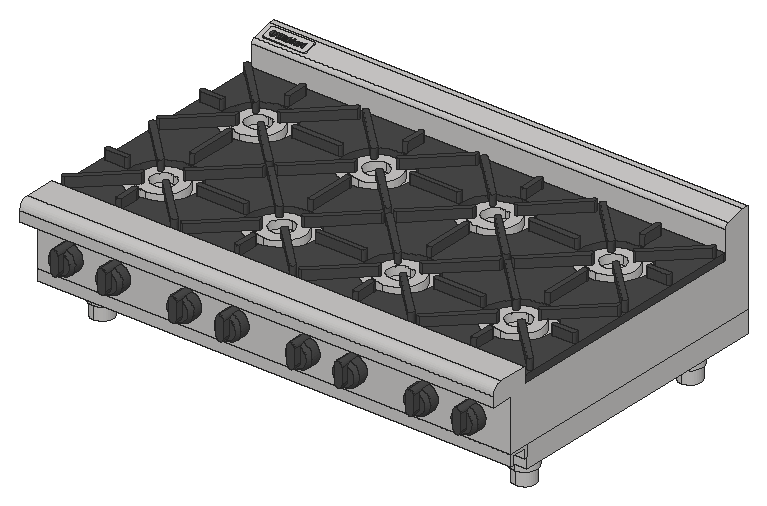
Revit family "QF_MOFFAT WALDORF_RNL8800G-B", category Specialty Equipment, Revit 2012
Parameters
  Weight in Pounds = 348.33
  URL Cutsheet = "www.moffat.com"
  URL = "www.moffat.com"
  Type Mark [instance] = ""
  Status [instance] = ""
  Specification by User [instance] = ""
  Specification by Manufacturer = ""
  Show Logo [instance] = yes
  Serial Number = ""
  Seismic Rating = ""
  SMACNA No = ""
  Revision Code [instance] = ""
  Omniclass Number and Title = ""
  NAFEM Spec ID Number = ""
  Model = "RNL8800G-B"
  Mechanical Remarks [instance] = ""
  Mechanical Connection Type [instance] = ""
  Masterspec = ""
  Manufacturer = "MOFFAT WALDORF"
  Item Number [instance] = ""
  Installed By [instance] = ""
  Identify Quantity as Lot [instance] = yes
  Gas Size = 3/4"
  Gas RI Height [instance] = 0.0 mm
  Gas KW [instance] = 62.2
  Gas Input [instance] = 212311.0 Btu/h
  Gas Connection Height = 0.0 mm
  Furnished By [instance] = ""
  Foodservice Equipment Identifier [instance] = yes
  Description = "COOK TOP LOW SPLASHBACK GAS BENCH MOUNT"
  CSI MasterFormat = ""
  CSI Master Format = ""
  Base Height [instance] = 80.0 mm
Reference planes
  plane 1 "BACK": y = 0
  plane 2: z = 0
  plane 3 "LEFT": x = 0
  plane 4 "RIGHT": x = 1200
  plane 5 "FRONT": y = -805
  plane 6 "TOP": z = 370
  plane 7 "Center Y": x = 600
  plane 8 "Center X": y = -402.5
  plane 9 "Base Height": z = 80
  plane 10: x = 65.8
  plane 11: x = 1134
  plane 12: x = 65
Forms (mm)
  Extrusion 1, solid, material "QF_Finishes_Stainless Steel"
    sketch origin (0, 0, 0) x (0, 1, 0) y (0, 0, 1)
      loop
        line (-805, 291) -> (-805, 266) -> (-749, 266) -> (-749, 135) -> (0, 135) -> (0, 370) -> (-15, 370) -> (-61.106, 357.646)
        arc (-61.106, 357.646) -> (-67.52, 353.36) -> (-70, 346.055) r 12
        line (-70, 346.055) -> (-70, 275) -> (-705, 275) -> (-705, 315) -> (-781, 315)
        arc (-781, 315) -> (-797.971, 307.971) -> (-805, 291) r 24
      loop
        line (0, 80) -> (0, 134.206) -> (-699, 134.206) -> (-699, 80) -> (0, 80)
      loop
        line (-749, 134.206) -> (-749, 107.019) -> (-742.6, 107.019) -> (-742.6, 127.806) -> (-706.4, 127.806) -> (-706.4, 107.019) -> (-700, 107.019) -> (-700, 134.206) -> (-749, 134.206)
    from 0 to 1200
  Revolve 2, solid, material "QF_Finishes_Stainless Steel"
    sketch origin (1134, -210, 0) x (0, 1, 0) y (0, 0, -1)
      loop
        line (78.25, -80) -> (110, -80) -> (110, 0) -> (82.5, 0) -> (82.5, -35) -> (78.25, -35) -> (78.25, -80)
      axis (110, -80) -> (110, 0)
    angle from 0 to 360
  Revolve 3, solid, material "QF_Finishes_Stainless Steel"
    sketch origin (65, -210, 0) x (0, 1, 0) y (0, 0, 1)
      loop
        line (78.25, 80) -> (78.25, 35) -> (82.5, 35) -> (82.5, 0) -> (110, 0) -> (110, 80) -> (78.25, 80)
      axis (110, 80) -> (110, 0)
    angle from 0 to 360
  Revolve 4, solid, material "QF_Finishes_Black"
    sketch origin (210, 0, 0) x (0, -1, 0) y (0, 0, 1)
      loop
        line (782, 229.605) -> (759, 229.605) -> (759, 202.105) -> (749, 202.105) -> (749, 197.105) -> (793, 197.105) -> (793, 223.757) -> (782, 229.605)
      axis (793, 197.105) -> (749, 197.105)
    angle from 0 to 360
  Extrusion 5, solid, material "QF_Finishes_Black"
    sketch origin (-78.431, 0, -103.997) x (1, 0, 0) y (0, 0, 1)
      loop
        line (298.431, 289) -> (298.431, 327.997)
        arc (298.431, 327.997) -> (288.431, 337.997) -> (278.431, 327.997) r 10
        line (278.431, 327.997) -> (278.431, 289)
        arc (278.431, 289) -> (288.431, 279) -> (298.431, 289) r 10
    from 759 to 808
  Extrusion 6, solid, material "QF_Finishes_Stainless Steel"
    sketch origin (705, 3, -500) x (1, 0, 0) y (0, 1, 0)
      loop
        circle (365, -35) r 13.5
    from 555 to 580
  Revolve 7, solid, material "QF_Finishes_Black"
    sketch origin (89.999, 0, -0.127) x (0, 1, 0) y (0, 0, -1)
      loop
        line (-782, -229.5) -> (-759, -229.5) -> (-759, -202) -> (-749, -202) -> (-749, -197) -> (-793, -197) -> (-793, -223.651) -> (-782, -229.5)
      axis (-793, -197) -> (-749, -197)
    angle from 0 to 360
  Extrusion 8, solid, material "QF_Finishes_Black"
    sketch origin (228.269, 0, 0.031) x (-1, 0, 0) y (0, 0, -1)
      loop
        arc (148.269, -184.969) -> (138.269, -174.969) -> (128.269, -184.969) r 10
        line (128.269, -184.969) -> (128.269, -223.969)
        arc (128.269, -223.969) -> (138.269, -233.969) -> (148.269, -223.969) r 10
        line (148.269, -223.969) -> (148.269, -184.969)
    from 759 to 808
  Extrusion 9, solid, material "QF_Finishes_Black"
    sketch origin (0, -77.318, 275) x (0, -1, 0) y (1, 0, 0)
      loop
        arc (-6.318, 4) -> (-5.439, 1.879) -> (-3.318, 1) r 3
        line (-3.318, 1) -> (623.682, 1)
        arc (623.682, 1) -> (625.804, 1.879) -> (626.682, 4) r 3
        line (626.682, 4) -> (626.682, 1196)
        arc (626.682, 1196) -> (625.804, 1198.121) -> (623.682, 1199) r 3
        line (623.682, 1199) -> (-3.318, 1199)
        arc (-3.318, 1199) -> (-5.439, 1198.121) -> (-6.318, 1196) r 3
        line (-6.318, 1196) -> (-6.318, 4)
      loop
        circle (160.182, 150) r 84.082
      loop
        circle (460.182, 150) r 84.082
      loop
        circle (460.182, 1050) r 84.082
      loop
        circle (160.182, 1050) r 84.082
      loop
        circle (160.182, 450) r 84.082
      loop
        circle (460.182, 450) r 84.082
      loop
        circle (160.182, 750) r 84.082
      loop
        circle (460.182, 750) r 84.082
    from 0 to 19.5
  Extrusion 10, solid, material "QF_Finishes_Black"
    sketch origin (0, -77.318, 294.5) x (0, -1, 0) y (1, 0, 0)
      loop
        spline (316.285, 15.153) -> (315.364, 13.924) -> (314.814, 12.47) -> (314.672, 10.89) -> (314.949, 9.292) -> (315.626, 7.786) -> (316.655, 6.473) -> (317.968, 5.443) -> (319.475, 4.767) -> (321.072, 4.49) -> (322.652, 4.631) -> (324.106, 5.181) -> (325.336, 6.102)
        line (325.336, 6.102) -> (433.259, 114.025)
        spline (433.259, 114.025) -> (434.019, 115.095) -> (434.42, 116.399) -> (434.433, 117.851) -> (434.058, 119.35) -> (433.319, 120.795) -> (432.269, 122.086) -> (430.977, 123.137) -> (429.532, 123.875) -> (428.033, 124.251) -> (426.582, 124.238) -> (425.277, 123.837) -> (424.208, 123.076)
        line (424.208, 123.076) -> (316.285, 15.153)
      loop
        spline (252.08, 156.4) -> (250.786, 156.182) -> (249.58, 155.543) -> (248.545, 154.525) -> (247.75, 153.2) -> (247.251, 151.656) -> (247.08, 150) -> (247.251, 148.344) -> (247.75, 146.8) -> (248.545, 145.475) -> (249.58, 144.457) -> (250.786, 143.818) -> (252.08, 143.6)
        line (252.08, 143.6) -> (368.284, 143.6)
        spline (368.284, 143.6) -> (369.579, 143.818) -> (370.784, 144.457) -> (371.82, 145.475) -> (372.615, 146.8) -> (373.114, 148.344) -> (373.284, 150) -> (373.114, 151.656) -> (372.615, 153.2) -> (371.82, 154.525) -> (370.784, 155.543) -> (369.579, 156.182) -> (368.284, 156.4)
        line (368.284, 156.4) -> (252.08, 156.4)
      loop
        spline (601.284, 143.6) -> (602.579, 143.818) -> (603.784, 144.457) -> (604.82, 145.475) -> (605.615, 146.8) -> (606.114, 148.344) -> (606.284, 150) -> (606.114, 151.656) -> (605.615, 153.2) -> (604.82, 154.525) -> (603.784, 155.543) -> (602.579, 156.182) -> (601.284, 156.4)
        line (601.284, 156.4) -> (552.08, 156.4)
        spline (552.08, 156.4) -> (550.786, 156.182) -> (549.58, 155.543) -> (548.545, 154.525) -> (547.75, 153.2) -> (547.251, 151.656) -> (547.08, 150) -> (547.251, 148.344) -> (547.75, 146.8) -> (548.545, 145.475) -> (549.58, 144.457) -> (550.786, 143.818) -> (552.08, 143.6)
        line (552.08, 143.6) -> (601.284, 143.6)
      loop
        line (604.08, 15.153) -> (496.157, 123.076)
        spline (496.157, 123.076) -> (495.088, 123.837) -> (493.783, 124.238) -> (492.332, 124.251) -> (490.832, 123.875) -> (489.388, 123.137) -> (488.096, 122.086) -> (487.045, 120.795) -> (486.307, 119.35) -> (485.932, 117.851) -> (485.945, 116.399) -> (486.345, 115.095) -> (487.106, 114.025)
        line (487.106, 114.025) -> (595.029, 6.102)
        spline (595.029, 6.102) -> (596.098, 5.341) -> (597.403, 4.941) -> (598.855, 4.928) -> (600.354, 5.303) -> (601.798, 6.041) -> (603.09, 7.092) -> (604.141, 8.384) -> (604.879, 9.829) -> (605.255, 11.328) -> (605.242, 12.779) -> (604.841, 14.084) -> (604.08, 15.153)
      loop
        line (466.582, 8.898) -> (466.582, 58.102)
        spline (466.582, 58.102) -> (466.364, 59.396) -> (465.725, 60.602) -> (464.708, 61.638) -> (463.382, 62.432) -> (461.839, 62.932) -> (460.182, 63.102) -> (458.526, 62.932) -> (456.982, 62.432) -> (455.657, 61.638) -> (454.64, 60.602) -> (454, 59.396) -> (453.782, 58.102)
        line (453.782, 58.102) -> (453.782, 8.898)
        spline (453.782, 8.898) -> (454, 7.604) -> (454.64, 6.398) -> (455.657, 5.362) -> (456.982, 4.568) -> (458.526, 4.068) -> (460.182, 3.898) -> (461.839, 4.068) -> (463.382, 4.568) -> (464.708, 5.362) -> (465.725, 6.398) -> (466.364, 7.604) -> (466.582, 8.898)
      loop
        spline (16.285, 15.153) -> (15.364, 13.924) -> (14.814, 12.47) -> (14.672, 10.89) -> (14.949, 9.292) -> (15.626, 7.786) -> (16.655, 6.473) -> (17.968, 5.443) -> (19.475, 4.767) -> (21.072, 4.49) -> (22.652, 4.631) -> (24.106, 5.181) -> (25.336, 6.102)
        line (25.336, 6.102) -> (133.259, 114.025)
        spline (133.259, 114.025) -> (134.019, 115.095) -> (134.42, 116.399) -> (134.433, 117.851) -> (134.058, 119.35) -> (133.319, 120.795) -> (132.269, 122.086) -> (130.977, 123.137) -> (129.532, 123.875) -> (128.033, 124.251) -> (126.582, 124.238) -> (125.277, 123.837) -> (124.208, 123.076)
        line (124.208, 123.076) -> (16.285, 15.153)
      loop
        spline (19.08, 156.4) -> (17.786, 156.182) -> (16.58, 155.543) -> (15.545, 154.525) -> (14.75, 153.2) -> (14.251, 151.656) -> (14.08, 150) -> (14.251, 148.344) -> (14.75, 146.8) -> (15.545, 145.475) -> (16.58, 144.457) -> (17.786, 143.818) -> (19.08, 143.6)
        line (19.08, 143.6) -> (68.284, 143.6)
        spline (68.284, 143.6) -> (69.579, 143.818) -> (70.784, 144.457) -> (71.82, 145.475) -> (72.615, 146.8) -> (73.114, 148.344) -> (73.284, 150) -> (73.114, 151.656) -> (72.615, 153.2) -> (71.82, 154.525) -> (70.784, 155.543) -> (69.579, 156.182) -> (68.284, 156.4)
        line (68.284, 156.4) -> (19.08, 156.4)
      loop
        line (304.08, 15.153) -> (196.157, 123.076)
        spline (196.157, 123.076) -> (195.088, 123.837) -> (193.783, 124.238) -> (192.332, 124.251) -> (190.832, 123.875) -> (189.388, 123.137) -> (188.096, 122.086) -> (187.045, 120.795) -> (186.307, 119.35) -> (185.932, 117.851) -> (185.945, 116.399) -> (186.345, 115.095) -> (187.106, 114.025)
        line (187.106, 114.025) -> (295.029, 6.102)
        spline (295.029, 6.102) -> (296.098, 5.341) -> (297.403, 4.941) -> (298.855, 4.928) -> (300.354, 5.303) -> (301.798, 6.041) -> (303.09, 7.092) -> (304.141, 8.384) -> (304.879, 9.829) -> (305.255, 11.328) -> (305.242, 12.779) -> (304.841, 14.084) -> (304.08, 15.153)
      loop
        line (166.582, 8.898) -> (166.582, 58.102)
        spline (166.582, 58.102) -> (166.364, 59.396) -> (165.725, 60.602) -> (164.708, 61.638) -> (163.382, 62.432) -> (161.839, 62.932) -> (160.182, 63.102) -> (158.526, 62.932) -> (156.982, 62.432) -> (155.657, 61.638) -> (154.64, 60.602) -> (154, 59.396) -> (153.782, 58.102)
        line (153.782, 58.102) -> (153.782, 8.898)
        spline (153.782, 8.898) -> (154, 7.604) -> (154.64, 6.398) -> (155.657, 5.362) -> (156.982, 4.568) -> (158.526, 4.068) -> (160.182, 3.898) -> (161.839, 4.068) -> (163.382, 4.568) -> (164.708, 5.362) -> (165.725, 6.398) -> (166.364, 7.604) -> (166.582, 8.898)
      loop
        line (316.285, 284.847) -> (424.208, 176.924)
        spline (424.208, 176.924) -> (425.277, 176.163) -> (426.582, 175.762) -> (428.033, 175.749) -> (429.532, 176.125) -> (430.977, 176.863) -> (432.269, 177.914) -> (433.319, 179.205) -> (434.058, 180.65) -> (434.433, 182.149) -> (434.42, 183.601) -> (434.019, 184.905) -> (433.259, 185.975)
        line (433.259, 185.975) -> (325.336, 293.898)
        spline (325.336, 293.898) -> (324.106, 294.819) -> (322.652, 295.369) -> (321.072, 295.51) -> (319.475, 295.233) -> (317.968, 294.557) -> (316.655, 293.527) -> (315.626, 292.214) -> (314.949, 290.708) -> (314.672, 289.11) -> (314.814, 287.53) -> (315.364, 286.076) -> (316.285, 284.847)
      loop
        spline (604.08, 284.847) -> (604.841, 285.916) -> (605.242, 287.221) -> (605.255, 288.672) -> (604.879, 290.171) -> (604.141, 291.616) -> (603.09, 292.908) -> (601.798, 293.959) -> (600.354, 294.697) -> (598.855, 295.072) -> (597.403, 295.059) -> (596.098, 294.659) -> (595.029, 293.898)
        line (595.029, 293.898) -> (487.106, 185.975)
        spline (487.106, 185.975) -> (486.345, 184.905) -> (485.945, 183.601) -> (485.932, 182.149) -> (486.307, 180.65) -> (487.045, 179.205) -> (488.096, 177.914) -> (489.388, 176.863) -> (490.832, 176.125) -> (492.332, 175.749) -> (493.783, 175.762) -> (495.088, 176.163) -> (496.157, 176.924)
        line (496.157, 176.924) -> (604.08, 284.847)
      loop
        spline (453.782, 241.898) -> (454, 240.604) -> (454.64, 239.398) -> (455.657, 238.362) -> (456.982, 237.568) -> (458.526, 237.068) -> (460.182, 236.898) -> (461.839, 237.068) -> (463.382, 237.568) -> (464.708, 238.362) -> (465.725, 239.398) -> (466.364, 240.604) -> (466.582, 241.898)
        line (466.582, 241.898) -> (466.582, 358.102)
        spline (466.582, 358.102) -> (466.364, 359.396) -> (465.725, 360.602) -> (464.708, 361.638) -> (463.382, 362.432) -> (461.839, 362.932) -> (460.182, 363.102) -> (458.526, 362.932) -> (456.982, 362.432) -> (455.657, 361.638) -> (454.64, 360.602) -> (454, 359.396) -> (453.782, 358.102)
        line (453.782, 358.102) -> (453.782, 241.898)
      loop
        line (16.285, 284.847) -> (124.208, 176.924)
        spline (124.208, 176.924) -> (125.277, 176.163) -> (126.582, 175.762) -> (128.033, 175.749) -> (129.532, 176.125) -> (130.977, 176.863) -> (132.269, 177.914) -> (133.319, 179.205) -> (134.058, 180.65) -> (134.433, 182.149) -> (134.42, 183.601) -> (134.019, 184.905) -> (133.259, 185.975)
        line (133.259, 185.975) -> (25.336, 293.898)
        spline (25.336, 293.898) -> (24.106, 294.819) -> (22.652, 295.369) -> (21.072, 295.51) -> (19.475, 295.233) -> (17.968, 294.557) -> (16.655, 293.527) -> (15.626, 292.214) -> (14.949, 290.708) -> (14.672, 289.11) -> (14.814, 287.53) -> (15.364, 286.076) -> (16.285, 284.847)
      loop
        spline (304.08, 284.847) -> (304.841, 285.916) -> (305.242, 287.221) -> (305.255, 288.672) -> (304.879, 290.171) -> (304.141, 291.616) -> (303.09, 292.908) -> (301.798, 293.959) -> (300.354, 294.697) -> (298.855, 295.072) -> (297.403, 295.059) -> (296.098, 294.659) -> (295.029, 293.898)
        line (295.029, 293.898) -> (187.106, 185.975)
        spline (187.106, 185.975) -> (186.345, 184.905) -> (185.945, 183.601) -> (185.932, 182.149) -> (186.307, 180.65) -> (187.045, 179.205) -> (188.096, 177.914) -> (189.388, 176.863) -> (190.832, 176.125) -> (192.332, 175.749) -> (193.783, 175.762) -> (195.088, 176.163) -> (196.157, 176.924)
        line (196.157, 176.924) -> (304.08, 284.847)
      loop
        spline (166.582, 358.102) -> (166.364, 359.396) -> (165.725, 360.602) -> (164.708, 361.638) -> (163.382, 362.432) -> (161.839, 362.932) -> (160.182, 363.102) -> (158.526, 362.932) -> (156.982, 362.432) -> (155.657, 361.638) -> (154.64, 360.602) -> (154, 359.396) -> (153.782, 358.102)
        line (153.782, 358.102) -> (153.782, 241.898)
        spline (153.782, 241.898) -> (154, 240.604) -> (154.64, 239.398) -> (155.657, 238.362) -> (156.982, 237.568) -> (158.526, 237.068) -> (160.182, 236.898) -> (161.839, 237.068) -> (163.382, 237.568) -> (164.708, 238.362) -> (165.725, 239.398) -> (166.364, 240.604) -> (166.582, 241.898)
        line (166.582, 241.898) -> (166.582, 358.102)
      loop
        spline (316.285, 315.153) -> (315.364, 313.924) -> (314.814, 312.47) -> (314.672, 310.89) -> (314.949, 309.292) -> (315.626, 307.786) -> (316.655, 306.473) -> (317.968, 305.443) -> (319.475, 304.767) -> (321.072, 304.49) -> (322.652, 304.631) -> (324.106, 305.181) -> (325.336, 306.102)
        line (325.336, 306.102) -> (433.259, 414.025)
        spline (433.259, 414.025) -> (434.019, 415.095) -> (434.42, 416.399) -> (434.433, 417.851) -> (434.058, 419.35) -> (433.319, 420.795) -> (432.269, 422.086) -> (430.977, 423.137) -> (429.532, 423.875) -> (428.033, 424.251) -> (426.582, 424.238) -> (425.277, 423.837) -> (424.208, 423.076)
        line (424.208, 423.076) -> (316.285, 315.153)
      loop
        spline (252.08, 456.4) -> (250.786, 456.182) -> (249.58, 455.543) -> (248.545, 454.525) -> (247.75, 453.2) -> (247.251, 451.656) -> (247.08, 450) -> (247.251, 448.344) -> (247.75, 446.8) -> (248.545, 445.475) -> (249.58, 444.457) -> (250.786, 443.818) -> (252.08, 443.6)
        line (252.08, 443.6) -> (368.284, 443.6)
        spline (368.284, 443.6) -> (369.579, 443.818) -> (370.784, 444.457) -> (371.82, 445.475) -> (372.615, 446.8) -> (373.114, 448.344) -> (373.284, 450) -> (373.114, 451.656) -> (372.615, 453.2) -> (371.82, 454.525) -> (370.784, 455.543) -> (369.579, 456.182) -> (368.284, 456.4)
        line (368.284, 456.4) -> (252.08, 456.4)
      loop
        spline (601.284, 443.6) -> (602.579, 443.818) -> (603.784, 444.457) -> (604.82, 445.475) -> (605.615, 446.8) -> (606.114, 448.344) -> (606.284, 450) -> (606.114, 451.656) -> (605.615, 453.2) -> (604.82, 454.525) -> (603.784, 455.543) -> (602.579, 456.182) -> (601.284, 456.4)
        line (601.284, 456.4) -> (552.08, 456.4)
        spline (552.08, 456.4) -> (550.786, 456.182) -> (549.58, 455.543) -> (548.545, 454.525) -> (547.75, 453.2) -> (547.251, 451.656) -> (547.08, 450) -> (547.251, 448.344) -> (547.75, 446.8) -> (548.545, 445.475) -> (549.58, 444.457) -> (550.786, 443.818) -> (552.08, 443.6)
        line (552.08, 443.6) -> (601.284, 443.6)
      loop
        line (604.08, 315.153) -> (496.157, 423.076)
        spline (496.157, 423.076) -> (495.088, 423.837) -> (493.783, 424.238) -> (492.332, 424.251) -> (490.832, 423.875) -> (489.388, 423.137) -> (488.096, 422.086) -> (487.045, 420.795) -> (486.307, 419.35) -> (485.932, 417.851) -> (485.945, 416.399) -> (486.345, 415.095) -> (487.106, 414.025)
        line (487.106, 414.025) -> (595.029, 306.102)
        spline (595.029, 306.102) -> (596.098, 305.341) -> (597.403, 304.941) -> (598.855, 304.928) -> (600.354, 305.303) -> (601.798, 306.041) -> (603.09, 307.092) -> (604.141, 308.384) -> (604.879, 309.829) -> (605.255, 311.328) -> (605.242, 312.779) -> (604.841, 314.084) -> (604.08, 315.153)
      loop
        spline (16.285, 315.153) -> (15.364, 313.924) -> (14.814, 312.47) -> (14.672, 310.89) -> (14.949, 309.292) -> (15.626, 307.786) -> (16.655, 306.473) -> (17.968, 305.443) -> (19.475, 304.767) -> (21.072, 304.49) -> (22.652, 304.631) -> (24.106, 305.181) -> (25.336, 306.102)
        line (25.336, 306.102) -> (133.259, 414.025)
        spline (133.259, 414.025) -> (134.019, 415.095) -> (134.42, 416.399) -> (134.433, 417.851) -> (134.058, 419.35) -> (133.319, 420.795) -> (132.269, 422.086) -> (130.977, 423.137) -> (129.532, 423.875) -> (128.033, 424.251) -> (126.582, 424.238) -> (125.277, 423.837) -> (124.208, 423.076)
        line (124.208, 423.076) -> (16.285, 315.153)
      loop
        spline (19.08, 456.4) -> (17.786, 456.182) -> (16.58, 455.543) -> (15.545, 454.525) -> (14.75, 453.2) -> (14.251, 451.656) -> (14.08, 450) -> (14.251, 448.344) -> (14.75, 446.8) -> (15.545, 445.475) -> (16.58, 444.457) -> (17.786, 443.818) -> (19.08, 443.6)
        line (19.08, 443.6) -> (68.284, 443.6)
        spline (68.284, 443.6) -> (69.579, 443.818) -> (70.784, 444.457) -> (71.82, 445.475) -> (72.615, 446.8) -> (73.114, 448.344) -> (73.284, 450) -> (73.114, 451.656) -> (72.615, 453.2) -> (71.82, 454.525) -> (70.784, 455.543) -> (69.579, 456.182) -> (68.284, 456.4)
        line (68.284, 456.4) -> (19.08, 456.4)
      loop
        line (304.08, 315.153) -> (196.157, 423.076)
        spline (196.157, 423.076) -> (195.088, 423.837) -> (193.783, 424.238) -> (192.332, 424.251) -> (190.832, 423.875) -> (189.388, 423.137) -> (188.096, 422.086) -> (187.045, 420.795) -> (186.307, 419.35) -> (185.932, 417.851) -> (185.945, 416.399) -> (186.345, 415.095) -> (187.106, 414.025)
        line (187.106, 414.025) -> (295.029, 306.102)
        spline (295.029, 306.102) -> (296.098, 305.341) -> (297.403, 304.941) -> (298.855, 304.928) -> (300.354, 305.303) -> (301.798, 306.041) -> (303.09, 307.092) -> (304.141, 308.384) -> (304.879, 309.829) -> (305.255, 311.328) -> (305.242, 312.779) -> (304.841, 314.084) -> (304.08, 315.153)
      loop
        line (316.285, 584.847) -> (424.208, 476.924)
        spline (424.208, 476.924) -> (425.277, 476.163) -> (426.582, 475.762) -> (428.033, 475.749) -> (429.532, 476.125) -> (430.977, 476.863) -> (432.269, 477.914) -> (433.319, 479.205) -> (434.058, 480.65) -> (434.433, 482.149) -> (434.42, 483.601) -> (434.019, 484.905) -> (433.259, 485.975)
        line (433.259, 485.975) -> (325.336, 593.898)
        spline (325.336, 593.898) -> (324.106, 594.819) -> (322.652, 595.369) -> (321.072, 595.51) -> (319.475, 595.233) -> (317.968, 594.557) -> (316.655, 593.527) -> (315.626, 592.214) -> (314.949, 590.708) -> (314.672, 589.11) -> (314.814, 587.53) -> (315.364, 586.076) -> (316.285, 584.847)
      loop
        spline (604.08, 584.847) -> (604.841, 585.916) -> (605.242, 587.221) -> (605.255, 588.672) -> (604.879, 590.171) -> (604.141, 591.616) -> (603.09, 592.908) -> (601.798, 593.959) -> (600.354, 594.697) -> (598.855, 595.072) -> (597.403, 595.059) -> (596.098, 594.659) -> (595.029, 593.898)
        line (595.029, 593.898) -> (487.106, 485.975)
        spline (487.106, 485.975) -> (486.345, 484.905) -> (485.945, 483.601) -> (485.932, 482.149) -> (486.307, 480.65) -> (487.045, 479.205) -> (488.096, 477.914) -> (489.388, 476.863) -> (490.832, 476.125) -> (492.332, 475.749) -> (493.783, 475.762) -> (495.088, 476.163) -> (496.157, 476.924)
        line (496.157, 476.924) -> (604.08, 584.847)
      loop
        spline (466.582, 658.102) -> (466.364, 659.396) -> (465.725, 660.602) -> (464.708, 661.638) -> (463.382, 662.432) -> (461.839, 662.932) -> (460.182, 663.102) -> (458.526, 662.932) -> (456.982, 662.432) -> (455.657, 661.638) -> (454.64, 660.602) -> (454, 659.396) -> (453.782, 658.102)
        line (453.782, 658.102) -> (453.782, 541.898)
        spline (453.782, 541.898) -> (454, 540.604) -> (454.64, 539.398) -> (455.657, 538.362) -> (456.982, 537.568) -> (458.526, 537.068) -> (460.182, 536.898) -> (461.839, 537.068) -> (463.382, 537.568) -> (464.708, 538.362) -> (465.725, 539.398) -> (466.364, 540.604) -> (466.582, 541.898)
        line (466.582, 541.898) -> (466.582, 658.102)
      loop
        line (16.285, 584.847) -> (124.208, 476.924)
        spline (124.208, 476.924) -> (125.277, 476.163) -> (126.582, 475.762) -> (128.033, 475.749) -> (129.532, 476.125) -> (130.977, 476.863) -> (132.269, 477.914) -> (133.319, 479.205) -> (134.058, 480.65) -> (134.433, 482.149) -> (134.42, 483.601) -> (134.019, 484.905) -> (133.259, 485.975)
        line (133.259, 485.975) -> (25.336, 593.898)
        spline (25.336, 593.898) -> (24.106, 594.819) -> (22.652, 595.369) -> (21.072, 595.51) -> (19.475, 595.233) -> (17.968, 594.557) -> (16.655, 593.527) -> (15.626, 592.214) -> (14.949, 590.708) -> (14.672, 589.11) -> (14.814, 587.53) -> (15.364, 586.076) -> (16.285, 584.847)
      loop
        spline (304.08, 584.847) -> (304.841, 585.916) -> (305.242, 587.221) -> (305.255, 588.672) -> (304.879, 590.171) -> (304.141, 591.616) -> (303.09, 592.908) -> (301.798, 593.959) -> (300.354, 594.697) -> (298.855, 595.072) -> (297.403, 595.059) -> (296.098, 594.659) -> (295.029, 593.898)
        line (295.029, 593.898) -> (187.106, 485.975)
        spline (187.106, 485.975) -> (186.345, 484.905) -> (185.945, 483.601) -> (185.932, 482.149) -> (186.307, 480.65) -> (187.045, 479.205) -> (188.096, 477.914) -> (189.388, 476.863) -> (190.832, 476.125) -> (192.332, 475.749) -> (193.783, 475.762) -> (195.088, 476.163) -> (196.157, 476.924)
        line (196.157, 476.924) -> (304.08, 584.847)
      loop
        spline (166.582, 658.102) -> (166.364, 659.396) -> (165.725, 660.602) -> (164.708, 661.638) -> (163.382, 662.432) -> (161.839, 662.932) -> (160.182, 663.102) -> (158.526, 662.932) -> (156.982, 662.432) -> (155.657, 661.638) -> (154.64, 660.602) -> (154, 659.396) -> (153.782, 658.102)
        line (153.782, 658.102) -> (153.782, 541.898)
        spline (153.782, 541.898) -> (154, 540.604) -> (154.64, 539.398) -> (155.657, 538.362) -> (156.982, 537.568) -> (158.526, 537.068) -> (160.182, 536.898) -> (161.839, 537.068) -> (163.382, 537.568) -> (164.708, 538.362) -> (165.725, 539.398) -> (166.364, 540.604) -> (166.582, 541.898)
        line (166.582, 541.898) -> (166.582, 658.102)
      loop
        line (316.285, 1184.847) -> (424.208, 1076.924)
        spline (424.208, 1076.924) -> (425.277, 1076.163) -> (426.582, 1075.762) -> (428.033, 1075.749) -> (429.532, 1076.125) -> (430.977, 1076.863) -> (432.269, 1077.914) -> (433.319, 1079.205) -> (434.058, 1080.65) -> (434.433, 1082.149) -> (434.42, 1083.601) -> (434.019, 1084.905) -> (433.259, 1085.975)
        line (433.259, 1085.975) -> (325.336, 1193.898)
        spline (325.336, 1193.898) -> (324.106, 1194.819) -> (322.652, 1195.369) -> (321.072, 1195.51) -> (319.475, 1195.233) -> (317.968, 1194.557) -> (316.655, 1193.527) -> (315.626, 1192.214) -> (314.949, 1190.708) -> (314.672, 1189.11) -> (314.814, 1187.53) -> (315.364, 1186.076) -> (316.285, 1184.847)
      loop
        line (252.08, 1043.6) -> (368.284, 1043.6)
        spline (368.284, 1043.6) -> (369.579, 1043.818) -> (370.784, 1044.457) -> (371.82, 1045.475) -> (372.615, 1046.8) -> (373.114, 1048.344) -> (373.284, 1050) -> (373.114, 1051.656) -> (372.615, 1053.2) -> (371.82, 1054.525) -> (370.784, 1055.543) -> (369.579, 1056.182) -> (368.284, 1056.4)
        line (368.284, 1056.4) -> (252.08, 1056.4)
        spline (252.08, 1056.4) -> (250.786, 1056.182) -> (249.58, 1055.543) -> (248.545, 1054.525) -> (247.75, 1053.2) -> (247.251, 1051.656) -> (247.08, 1050) -> (247.251, 1048.344) -> (247.75, 1046.8) -> (248.545, 1045.475) -> (249.58, 1044.457) -> (250.786, 1043.818) -> (252.08, 1043.6)
      loop
        line (601.284, 1056.4) -> (552.08, 1056.4)
        spline (552.08, 1056.4) -> (550.786, 1056.182) -> (549.58, 1055.543) -> (548.545, 1054.525) -> (547.75, 1053.2) -> (547.251, 1051.656) -> (547.08, 1050) -> (547.251, 1048.344) -> (547.75, 1046.8) -> (548.545, 1045.475) -> (549.58, 1044.457) -> (550.786, 1043.818) -> (552.08, 1043.6)
        line (552.08, 1043.6) -> (601.284, 1043.6)
        spline (601.284, 1043.6) -> (602.579, 1043.818) -> (603.784, 1044.457) -> (604.82, 1045.475) -> (605.615, 1046.8) -> (606.114, 1048.344) -> (606.284, 1050) -> (606.114, 1051.656) -> (605.615, 1053.2) -> (604.82, 1054.525) -> (603.784, 1055.543) -> (602.579, 1056.182) -> (601.284, 1056.4)
      loop
        spline (604.08, 1184.847) -> (604.841, 1185.916) -> (605.242, 1187.221) -> (605.255, 1188.672) -> (604.879, 1190.171) -> (604.141, 1191.616) -> (603.09, 1192.908) -> (601.798, 1193.959) -> (600.354, 1194.697) -> (598.855, 1195.072) -> (597.403, 1195.059) -> (596.098, 1194.659) -> (595.029, 1193.898)
        line (595.029, 1193.898) -> (487.106, 1085.975)
        spline (487.106, 1085.975) -> (486.345, 1084.905) -> (485.945, 1083.601) -> (485.932, 1082.149) -> (486.307, 1080.65) -> (487.045, 1079.205) -> (488.096, 1077.914) -> (489.388, 1076.863) -> (490.832, 1076.125) -> (492.332, 1075.749) -> (493.783, 1075.762) -> (495.088, 1076.163) -> (496.157, 1076.924)
        line (496.157, 1076.924) -> (604.08, 1184.847)
      loop
        spline (466.582, 1191.102) -> (466.364, 1192.396) -> (465.725, 1193.602) -> (464.708, 1194.638) -> (463.382, 1195.432) -> (461.839, 1195.932) -> (460.182, 1196.102) -> (458.526, 1195.932) -> (456.982, 1195.432) -> (455.657, 1194.638) -> (454.64, 1193.602) -> (454, 1192.396) -> (453.782, 1191.102)
        line (453.782, 1191.102) -> (453.782, 1141.898)
        spline (453.782, 1141.898) -> (454, 1140.604) -> (454.64, 1139.398) -> (455.657, 1138.362) -> (456.982, 1137.568) -> (458.526, 1137.068) -> (460.182, 1136.898) -> (461.839, 1137.068) -> (463.382, 1137.568) -> (464.708, 1138.362) -> (465.725, 1139.398) -> (466.364, 1140.604) -> (466.582, 1141.898)
        line (466.582, 1141.898) -> (466.582, 1191.102)
      loop
        line (16.285, 1184.847) -> (124.208, 1076.924)
        spline (124.208, 1076.924) -> (125.277, 1076.163) -> (126.582, 1075.762) -> (128.033, 1075.749) -> (129.532, 1076.125) -> (130.977, 1076.863) -> (132.269, 1077.914) -> (133.319, 1079.205) -> (134.058, 1080.65) -> (134.433, 1082.149) -> (134.42, 1083.601) -> (134.019, 1084.905) -> (133.259, 1085.975)
        line (133.259, 1085.975) -> (25.336, 1193.898)
        spline (25.336, 1193.898) -> (24.106, 1194.819) -> (22.652, 1195.369) -> (21.072, 1195.51) -> (19.475, 1195.233) -> (17.968, 1194.557) -> (16.655, 1193.527) -> (15.626, 1192.214) -> (14.949, 1190.708) -> (14.672, 1189.11) -> (14.814, 1187.53) -> (15.364, 1186.076) -> (16.285, 1184.847)
      loop
        line (19.08, 1043.6) -> (68.284, 1043.6)
        spline (68.284, 1043.6) -> (69.579, 1043.818) -> (70.784, 1044.457) -> (71.82, 1045.475) -> (72.615, 1046.8) -> (73.114, 1048.344) -> (73.284, 1050) -> (73.114, 1051.656) -> (72.615, 1053.2) -> (71.82, 1054.525) -> (70.784, 1055.543) -> (69.579, 1056.182) -> (68.284, 1056.4)
        line (68.284, 1056.4) -> (19.08, 1056.4)
        spline (19.08, 1056.4) -> (17.786, 1056.182) -> (16.58, 1055.543) -> (15.545, 1054.525) -> (14.75, 1053.2) -> (14.251, 1051.656) -> (14.08, 1050) -> (14.251, 1048.344) -> (14.75, 1046.8) -> (15.545, 1045.475) -> (16.58, 1044.457) -> (17.786, 1043.818) -> (19.08, 1043.6)
      loop
        spline (304.08, 1184.847) -> (304.841, 1185.916) -> (305.242, 1187.221) -> (305.255, 1188.672) -> (304.879, 1190.171) -> (304.141, 1191.616) -> (303.09, 1192.908) -> (301.798, 1193.959) -> (300.354, 1194.697) -> (298.855, 1195.072) -> (297.403, 1195.059) -> (296.098, 1194.659) -> (295.029, 1193.898)
        line (295.029, 1193.898) -> (187.106, 1085.975)
        spline (187.106, 1085.975) -> (186.345, 1084.905) -> (185.945, 1083.601) -> (185.932, 1082.149) -> (186.307, 1080.65) -> (187.045, 1079.205) -> (188.096, 1077.914) -> (189.388, 1076.863) -> (190.832, 1076.125) -> (192.332, 1075.749) -> (193.783, 1075.762) -> (195.088, 1076.163) -> (196.157, 1076.924)
        line (196.157, 1076.924) -> (304.08, 1184.847)
      loop
        spline (166.582, 1191.102) -> (166.364, 1192.396) -> (165.725, 1193.602) -> (164.708, 1194.638) -> (163.382, 1195.432) -> (161.839, 1195.932) -> (160.182, 1196.102) -> (158.526, 1195.932) -> (156.982, 1195.432) -> (155.657, 1194.638) -> (154.64, 1193.602) -> (154, 1192.396) -> (153.782, 1191.102)
        line (153.782, 1191.102) -> (153.782, 1141.898)
        spline (153.782, 1141.898) -> (154, 1140.604) -> (154.64, 1139.398) -> (155.657, 1138.362) -> (156.982, 1137.568) -> (158.526, 1137.068) -> (160.182, 1136.898) -> (161.839, 1137.068) -> (163.382, 1137.568) -> (164.708, 1138.362) -> (165.725, 1139.398) -> (166.364, 1140.604) -> (166.582, 1141.898)
        line (166.582, 1141.898) -> (166.582, 1191.102)
      loop
        spline (316.285, 915.153) -> (315.364, 913.924) -> (314.814, 912.47) -> (314.672, 910.89) -> (314.949, 909.292) -> (315.626, 907.786) -> (316.655, 906.473) -> (317.968, 905.443) -> (319.475, 904.767) -> (321.072, 904.49) -> (322.652, 904.631) -> (324.106, 905.181) -> (325.336, 906.102)
        line (325.336, 906.102) -> (433.259, 1014.025)
        spline (433.259, 1014.025) -> (434.019, 1015.095) -> (434.42, 1016.399) -> (434.433, 1017.851) -> (434.058, 1019.35) -> (433.319, 1020.795) -> (432.269, 1022.086) -> (430.977, 1023.137) -> (429.532, 1023.875) -> (428.033, 1024.251) -> (426.582, 1024.238) -> (425.277, 1023.837) -> (424.208, 1023.076)
        line (424.208, 1023.076) -> (316.285, 915.153)
      loop
        line (604.08, 915.153) -> (496.157, 1023.076)
        spline (496.157, 1023.076) -> (495.088, 1023.837) -> (493.783, 1024.238) -> (492.332, 1024.251) -> (490.832, 1023.875) -> (489.388, 1023.137) -> (488.096, 1022.086) -> (487.045, 1020.795) -> (486.307, 1019.35) -> (485.932, 1017.851) -> (485.945, 1016.399) -> (486.345, 1015.095) -> (487.106, 1014.025)
        line (487.106, 1014.025) -> (595.029, 906.102)
        spline (595.029, 906.102) -> (596.098, 905.341) -> (597.403, 904.941) -> (598.855, 904.928) -> (600.354, 905.303) -> (601.798, 906.041) -> (603.09, 907.092) -> (604.141, 908.384) -> (604.879, 909.829) -> (605.255, 911.328) -> (605.242, 912.779) -> (604.841, 914.084) -> (604.08, 915.153)
      loop
        line (453.782, 958.102) -> (453.782, 841.898)
        spline (453.782, 841.898) -> (454, 840.604) -> (454.64, 839.398) -> (455.657, 838.362) -> (456.982, 837.568) -> (458.526, 837.068) -> (460.182, 836.898) -> (461.839, 837.068) -> (463.382, 837.568) -> (464.708, 838.362) -> (465.725, 839.398) -> (466.364, 840.604) -> (466.582, 841.898)
        line (466.582, 841.898) -> (466.582, 958.102)
        spline (466.582, 958.102) -> (466.364, 959.396) -> (465.725, 960.602) -> (464.708, 961.638) -> (463.382, 962.432) -> (461.839, 962.932) -> (460.182, 963.102) -> (458.526, 962.932) -> (456.982, 962.432) -> (455.657, 961.638) -> (454.64, 960.602) -> (454, 959.396) -> (453.782, 958.102)
      loop
        spline (16.285, 915.153) -> (15.364, 913.924) -> (14.814, 912.47) -> (14.672, 910.89) -> (14.949, 909.292) -> (15.626, 907.786) -> (16.655, 906.473) -> (17.968, 905.443) -> (19.475, 904.767) -> (21.072, 904.49) -> (22.652, 904.631) -> (24.106, 905.181) -> (25.336, 906.102)
        line (25.336, 906.102) -> (133.259, 1014.025)
        spline (133.259, 1014.025) -> (134.019, 1015.095) -> (134.42, 1016.399) -> (134.433, 1017.851) -> (134.058, 1019.35) -> (133.319, 1020.795) -> (132.269, 1022.086) -> (130.977, 1023.137) -> (129.532, 1023.875) -> (128.033, 1024.251) -> (126.582, 1024.238) -> (125.277, 1023.837) -> (124.208, 1023.076)
        line (124.208, 1023.076) -> (16.285, 915.153)
      loop
        line (304.08, 915.153) -> (196.157, 1023.076)
        spline (196.157, 1023.076) -> (195.088, 1023.837) -> (193.783, 1024.238) -> (192.332, 1024.251) -> (190.832, 1023.875) -> (189.388, 1023.137) -> (188.096, 1022.086) -> (187.045, 1020.795) -> (186.307, 1019.35) -> (185.932, 1017.851) -> (185.945, 1016.399) -> (186.345, 1015.095) -> (187.106, 1014.025)
        line (187.106, 1014.025) -> (295.029, 906.102)
        spline (295.029, 906.102) -> (296.098, 905.341) -> (297.403, 904.941) -> (298.855, 904.928) -> (300.354, 905.303) -> (301.798, 906.041) -> (303.09, 907.092) -> (304.141, 908.384) -> (304.879, 909.829) -> (305.255, 911.328) -> (305.242, 912.779) -> (304.841, 914.084) -> (304.08, 915.153)
      loop
        line (166.582, 841.898) -> (166.582, 958.102)
        spline (166.582, 958.102) -> (166.364, 959.396) -> (165.725, 960.602) -> (164.708, 961.638) -> (163.382, 962.432) -> (161.839, 962.932) -> (160.182, 963.102) -> (158.526, 962.932) -> (156.982, 962.432) -> (155.657, 961.638) -> (154.64, 960.602) -> (154, 959.396) -> (153.782, 958.102)
        line (153.782, 958.102) -> (153.782, 841.898)
        spline (153.782, 841.898) -> (154, 840.604) -> (154.64, 839.398) -> (155.657, 838.362) -> (156.982, 837.568) -> (158.526, 837.068) -> (160.182, 836.898) -> (161.839, 837.068) -> (163.382, 837.568) -> (164.708, 838.362) -> (165.725, 839.398) -> (166.364, 840.604) -> (166.582, 841.898)
      loop
        line (316.285, 884.847) -> (424.208, 776.924)
        spline (424.208, 776.924) -> (425.277, 776.163) -> (426.582, 775.762) -> (428.033, 775.749) -> (429.532, 776.125) -> (430.977, 776.863) -> (432.269, 777.914) -> (433.319, 779.205) -> (434.058, 780.65) -> (434.433, 782.149) -> (434.42, 783.601) -> (434.019, 784.905) -> (433.259, 785.975)
        line (433.259, 785.975) -> (325.336, 893.898)
        spline (325.336, 893.898) -> (324.106, 894.819) -> (322.652, 895.369) -> (321.072, 895.51) -> (319.475, 895.233) -> (317.968, 894.557) -> (316.655, 893.527) -> (315.626, 892.214) -> (314.949, 890.708) -> (314.672, 889.11) -> (314.814, 887.53) -> (315.364, 886.076) -> (316.285, 884.847)
      loop
        line (252.08, 743.6) -> (368.284, 743.6)
        spline (368.284, 743.6) -> (369.579, 743.818) -> (370.784, 744.457) -> (371.82, 745.475) -> (372.615, 746.8) -> (373.114, 748.344) -> (373.284, 750) -> (373.114, 751.656) -> (372.615, 753.2) -> (371.82, 754.525) -> (370.784, 755.543) -> (369.579, 756.182) -> (368.284, 756.4)
        line (368.284, 756.4) -> (252.08, 756.4)
        spline (252.08, 756.4) -> (250.786, 756.182) -> (249.58, 755.543) -> (248.545, 754.525) -> (247.75, 753.2) -> (247.251, 751.656) -> (247.08, 750) -> (247.251, 748.344) -> (247.75, 746.8) -> (248.545, 745.475) -> (249.58, 744.457) -> (250.786, 743.818) -> (252.08, 743.6)
      loop
        line (601.284, 756.4) -> (552.08, 756.4)
        spline (552.08, 756.4) -> (550.786, 756.182) -> (549.58, 755.543) -> (548.545, 754.525) -> (547.75, 753.2) -> (547.251, 751.656) -> (547.08, 750) -> (547.251, 748.344) -> (547.75, 746.8) -> (548.545, 745.475) -> (549.58, 744.457) -> (550.786, 743.818) -> (552.08, 743.6)
        line (552.08, 743.6) -> (601.284, 743.6)
        spline (601.284, 743.6) -> (602.579, 743.818) -> (603.784, 744.457) -> (604.82, 745.475) -> (605.615, 746.8) -> (606.114, 748.344) -> (606.284, 750) -> (606.114, 751.656) -> (605.615, 753.2) -> (604.82, 754.525) -> (603.784, 755.543) -> (602.579, 756.182) -> (601.284, 756.4)
      loop
        spline (604.08, 884.847) -> (604.841, 885.916) -> (605.242, 887.221) -> (605.255, 888.672) -> (604.879, 890.171) -> (604.141, 891.616) -> (603.09, 892.908) -> (601.798, 893.959) -> (600.354, 894.697) -> (598.855, 895.072) -> (597.403, 895.059) -> (596.098, 894.659) -> (595.029, 893.898)
        line (595.029, 893.898) -> (487.106, 785.975)
        spline (487.106, 785.975) -> (486.345, 784.905) -> (485.945, 783.601) -> (485.932, 782.149) -> (486.307, 780.65) -> (487.045, 779.205) -> (488.096, 777.914) -> (489.388, 776.863) -> (490.832, 776.125) -> (492.332, 775.749) -> (493.783, 775.762) -> (495.088, 776.163) -> (496.157, 776.924)
        line (496.157, 776.924) -> (604.08, 884.847)
      loop
        line (16.285, 884.847) -> (124.208, 776.924)
        spline (124.208, 776.924) -> (125.277, 776.163) -> (126.582, 775.762) -> (128.033, 775.749) -> (129.532, 776.125) -> (130.977, 776.863) -> (132.269, 777.914) -> (133.319, 779.205) -> (134.058, 780.65) -> (134.433, 782.149) -> (134.42, 783.601) -> (134.019, 784.905) -> (133.259, 785.975)
        line (133.259, 785.975) -> (25.336, 893.898)
        spline (25.336, 893.898) -> (24.106, 894.819) -> (22.652, 895.369) -> (21.072, 895.51) -> (19.475, 895.233) -> (17.968, 894.557) -> (16.655, 893.527) -> (15.626, 892.214) -> (14.949, 890.708) -> (14.672, 889.11) -> (14.814, 887.53) -> (15.364, 886.076) -> (16.285, 884.847)
      loop
        line (19.08, 743.6) -> (68.284, 743.6)
        spline (68.284, 743.6) -> (69.579, 743.818) -> (70.784, 744.457) -> (71.82, 745.475) -> (72.615, 746.8) -> (73.114, 748.344) -> (73.284, 750) -> (73.114, 751.656) -> (72.615, 753.2) -> (71.82, 754.525) -> (70.784, 755.543) -> (69.579, 756.182) -> (68.284, 756.4)
        line (68.284, 756.4) -> (19.08, 756.4)
        spline (19.08, 756.4) -> (17.786, 756.182) -> (16.58, 755.543) -> (15.545, 754.525) -> (14.75, 753.2) -> (14.251, 751.656) -> (14.08, 750) -> (14.251, 748.344) -> (14.75, 746.8) -> (15.545, 745.475) -> (16.58, 744.457) -> (17.786, 743.818) -> (19.08, 743.6)
      loop
        spline (304.08, 884.847) -> (304.841, 885.916) -> (305.242, 887.221) -> (305.255, 888.672) -> (304.879, 890.171) -> (304.141, 891.616) -> (303.09, 892.908) -> (301.798, 893.959) -> (300.354, 894.697) -> (298.855, 895.072) -> (297.403, 895.059) -> (296.098, 894.659) -> (295.029, 893.898)
        line (295.029, 893.898) -> (187.106, 785.975)
        spline (187.106, 785.975) -> (186.345, 784.905) -> (185.945, 783.601) -> (185.932, 782.149) -> (186.307, 780.65) -> (187.045, 779.205) -> (188.096, 777.914) -> (189.388, 776.863) -> (190.832, 776.125) -> (192.332, 775.749) -> (193.783, 775.762) -> (195.088, 776.163) -> (196.157, 776.924)
        line (196.157, 776.924) -> (304.08, 884.847)
      loop
        spline (316.285, 615.153) -> (315.364, 613.924) -> (314.814, 612.47) -> (314.672, 610.89) -> (314.949, 609.292) -> (315.626, 607.786) -> (316.655, 606.473) -> (317.968, 605.443) -> (319.475, 604.767) -> (321.072, 604.49) -> (322.652, 604.631) -> (324.106, 605.181) -> (325.336, 606.102)
        line (325.336, 606.102) -> (433.259, 714.025)
        spline (433.259, 714.025) -> (434.019, 715.095) -> (434.42, 716.399) -> (434.433, 717.851) -> (434.058, 719.35) -> (433.319, 720.795) -> (432.269, 722.086) -> (430.977, 723.137) -> (429.532, 723.875) -> (428.033, 724.251) -> (426.582, 724.238) -> (425.277, 723.837) -> (424.208, 723.076)
        line (424.208, 723.076) -> (316.285, 615.153)
      loop
        line (604.08, 615.153) -> (496.157, 723.076)
        spline (496.157, 723.076) -> (495.088, 723.837) -> (493.783, 724.238) -> (492.332, 724.251) -> (490.832, 723.875) -> (489.388, 723.137) -> (488.096, 722.086) -> (487.045, 720.795) -> (486.307, 719.35) -> (485.932, 717.851) -> (485.945, 716.399) -> (486.345, 715.095) -> (487.106, 714.025)
        line (487.106, 714.025) -> (595.029, 606.102)
        spline (595.029, 606.102) -> (596.098, 605.341) -> (597.403, 604.941) -> (598.855, 604.928) -> (600.354, 605.303) -> (601.798, 606.041) -> (603.09, 607.092) -> (604.141, 608.384) -> (604.879, 609.829) -> (605.255, 611.328) -> (605.242, 612.779) -> (604.841, 614.084) -> (604.08, 615.153)
      loop
        spline (16.285, 615.153) -> (15.364, 613.924) -> (14.814, 612.47) -> (14.672, 610.89) -> (14.949, 609.292) -> (15.626, 607.786) -> (16.655, 606.473) -> (17.968, 605.443) -> (19.475, 604.767) -> (21.072, 604.49) -> (22.652, 604.631) -> (24.106, 605.181) -> (25.336, 606.102)
        line (25.336, 606.102) -> (133.259, 714.025)
        spline (133.259, 714.025) -> (134.019, 715.095) -> (134.42, 716.399) -> (134.433, 717.851) -> (134.058, 719.35) -> (133.319, 720.795) -> (132.269, 722.086) -> (130.977, 723.137) -> (129.532, 723.875) -> (128.033, 724.251) -> (126.582, 724.238) -> (125.277, 723.837) -> (124.208, 723.076)
        line (124.208, 723.076) -> (16.285, 615.153)
      loop
        line (304.08, 615.153) -> (196.157, 723.076)
        spline (196.157, 723.076) -> (195.088, 723.837) -> (193.783, 724.238) -> (192.332, 724.251) -> (190.832, 723.875) -> (189.388, 723.137) -> (188.096, 722.086) -> (187.045, 720.795) -> (186.307, 719.35) -> (185.932, 717.851) -> (185.945, 716.399) -> (186.345, 715.095) -> (187.106, 714.025)
        line (187.106, 714.025) -> (295.029, 606.102)
        spline (295.029, 606.102) -> (296.098, 605.341) -> (297.403, 604.941) -> (298.855, 604.928) -> (300.354, 605.303) -> (301.798, 606.041) -> (303.09, 607.092) -> (304.141, 608.384) -> (304.879, 609.829) -> (305.255, 611.328) -> (305.242, 612.779) -> (304.841, 614.084) -> (304.08, 615.153)
    from 0 to 23.5
  Revolve 11, solid, material "QF_Finishes_Black"
    sketch origin (510, 0, 0) x (0, -1, 0) y (0, 0, 1)
      loop
        line (782, 229.605) -> (759, 229.605) -> (759, 202.105) -> (749, 202.105) -> (749, 197.105) -> (793, 197.105) -> (793, 223.757) -> (782, 229.605)
      axis (793, 197.105) -> (749, 197.105)
    angle from 0 to 360
  Extrusion 12, solid, material "QF_Finishes_Black"
    sketch origin (221.569, 0, -103.997) x (1, 0, 0) y (0, 0, 1)
      loop
        line (298.431, 289) -> (298.431, 327.997)
        arc (298.431, 327.997) -> (288.431, 337.997) -> (278.431, 327.997) r 10
        line (278.431, 327.997) -> (278.431, 289)
        arc (278.431, 289) -> (288.431, 279) -> (298.431, 289) r 10
    from 759 to 808
  Revolve 13, solid, material "QF_Finishes_Black"
    sketch origin (389.999, 0, -0.127) x (0, 1, 0) y (0, 0, -1)
      loop
        line (-782, -229.5) -> (-759, -229.5) -> (-759, -202) -> (-749, -202) -> (-749, -197) -> (-793, -197) -> (-793, -223.651) -> (-782, -229.5)
      axis (-793, -197) -> (-749, -197)
    angle from 0 to 360
  Extrusion 14, solid, material "QF_Finishes_Black"
    sketch origin (228.269, 0, 0.031) x (-1, 0, 0) y (0, 0, -1)
      loop
        arc (-151.731, -184.969) -> (-161.731, -174.969) -> (-171.731, -184.969) r 10
        line (-171.731, -184.969) -> (-171.731, -223.969)
        arc (-171.731, -223.969) -> (-161.731, -233.969) -> (-151.731, -223.969) r 10
        line (-151.731, -223.969) -> (-151.731, -184.969)
    from 759 to 808
  Revolve 15, solid, material "QF_Finishes_Black"
    sketch origin (810, 0, 0) x (0, -1, 0) y (0, 0, 1)
      loop
        line (782, 229.605) -> (759, 229.605) -> (759, 202.105) -> (749, 202.105) -> (749, 197.105) -> (793, 197.105) -> (793, 223.757) -> (782, 229.605)
      axis (793, 197.105) -> (749, 197.105)
    angle from 0 to 360
  Extrusion 16, solid, material "QF_Finishes_Black"
    sketch origin (370.944, 0, -103.997) x (1, 0, 0) y (0, 0, 1)
      loop
        line (448.431, 289) -> (448.431, 327.997)
        arc (448.431, 327.997) -> (438.431, 337.997) -> (428.431, 327.997) r 10
        line (428.431, 327.997) -> (428.431, 289)
        arc (428.431, 289) -> (438.431, 279) -> (448.431, 289) r 10
    from 759 to 808
  Revolve 17, solid, material "QF_Finishes_Black"
    sketch origin (689.999, 0, -0.127) x (0, 1, 0) y (0, 0, -1)
      loop
        line (-782, -229.5) -> (-759, -229.5) -> (-759, -202) -> (-749, -202) -> (-749, -197) -> (-793, -197) -> (-793, -223.651) -> (-782, -229.5)
      axis (-793, -197) -> (-749, -197)
    angle from 0 to 360
  Extrusion 18, solid, material "QF_Finishes_Black"
    sketch origin (377.644, 0, 0.031) x (-1, 0, 0) y (0, 0, -1)
      loop
        arc (-301.731, -184.969) -> (-311.731, -174.969) -> (-321.731, -184.969) r 10
        line (-321.731, -184.969) -> (-321.731, -223.969)
        arc (-321.731, -223.969) -> (-311.731, -233.969) -> (-301.731, -223.969) r 10
        line (-301.731, -223.969) -> (-301.731, -184.969)
    from 759 to 808
  Revolve 19, solid, material "QF_Finishes_Stainless Steel"
    sketch origin (1134, -735, 0) x (0, 1, 0) y (0, 0, -1)
      loop
        line (78.25, -80) -> (110, -80) -> (110, 0) -> (82.5, 0) -> (82.5, -35) -> (78.25, -35) -> (78.25, -80)
      axis (110, -80) -> (110, 0)
    angle from 0 to 360
  Revolve 20, solid, material "QF_Finishes_Stainless Steel"
    sketch origin (65, -735, 0) x (0, 1, 0) y (0, 0, 1)
      loop
        line (78.25, 80) -> (78.25, 35) -> (82.5, 35) -> (82.5, 0) -> (110, 0) -> (110, 80) -> (78.25, 80)
      axis (110, 80) -> (110, 0)
    angle from 0 to 360
  Revolve 21, solid, material "QF_Finishes_Black"
    sketch origin (990, 0, 0) x (0, -1, 0) y (0, 0, -1)
      loop
        line (782, -229.605) -> (793, -223.757) -> (793, -197.105) -> (749, -197.105) -> (749, -202.105) -> (759, -202.105) -> (759, -229.605) -> (782, -229.605)
      axis (793, -197.105) -> (749, -197.105)
    angle from 0 to 360
  Extrusion 22, solid, material "QF_Finishes_Black"
    sketch origin (1278.431, 0, -103.997) x (-1, 0, 0) y (0, 0, -1)
      loop
        arc (298.431, -289) -> (288.431, -279) -> (278.431, -289) r 10
        line (278.431, -289) -> (278.431, -327.997)
        arc (278.431, -327.997) -> (288.431, -337.997) -> (298.431, -327.997) r 10
        line (298.431, -327.997) -> (298.431, -289)
    from 759 to 808
  Revolve 23, solid, material "QF_Finishes_Black"
    sketch origin (1110.001, 0, -0.127) x (0, 1, 0) y (0, 0, 1)
      loop
        line (-782, 229.5) -> (-793, 223.651) -> (-793, 197) -> (-749, 197) -> (-749, 202) -> (-759, 202) -> (-759, 229.5) -> (-782, 229.5)
      axis (-793, 197) -> (-749, 197)
    angle from 0 to 360
  Extrusion 24, solid, material "QF_Finishes_Black"
    sketch origin (971.731, 0, 0.031) x (1, 0, 0) y (0, 0, 1)
      loop
        line (148.269, 184.969) -> (148.269, 223.969)
        arc (148.269, 223.969) -> (138.269, 233.969) -> (128.269, 223.969) r 10
        line (128.269, 223.969) -> (128.269, 184.969)
        arc (128.269, 184.969) -> (138.269, 174.969) -> (148.269, 184.969) r 10
    from 759 to 808
  Extrusion 25, solid, material "QF_Finishes_Stainless Steel"
    sketch origin (0, -77.318, 275) x (0, -1, 0) y (1, 0, 0)
      loop
        circle (160.182, 150) r 57
      loop
        circle (160.182, 450) r 57
      loop
        circle (160.182, 750) r 57
      loop
        circle (160.182, 1050) r 57
      loop
        circle (460.182, 1050) r 57
      loop
        circle (460.182, 750) r 57
      loop
        circle (460.182, 450) r 57
      loop
        circle (460.182, 150) r 57
      loop
        circle (160.182, 150) r 30
      loop
        circle (160.182, 450) r 30
      loop
        circle (160.182, 750) r 30
      loop
        circle (160.182, 1050) r 30
      loop
        circle (460.182, 1050) r 30
      loop
        circle (460.182, 750) r 30
      loop
        circle (460.182, 450) r 30
      loop
        circle (460.182, 150) r 30
    from 0 to 20
Cuts and joins
  joined: Revolve 7, Extrusion 8
  joined: Revolve 4, Extrusion 5
  joined: Revolve 13, Extrusion 14
  joined: Revolve 11, Extrusion 12
  joined: Revolve 15, Extrusion 16
  joined: Revolve 17, Extrusion 18
  joined: Revolve 21, Extrusion 22
  joined: Revolve 23, Extrusion 24
Lines and regions (mm)
  Split face 1
    outline origin (44.063, -19.972, 368.668) x (0, -0.965926, -0.258819) y (1, 0, 0)
      loop
        line (0.03, 105.5) -> (33.432, 105.5) -> (33.432, 125.5) -> (0.03, 125.5) -> (0.03, 105.5)
  Split face 2
    outline origin (104.063, -19.972, 368.668) x (0, -0.965926, -0.258819) y (1, 0, 0)
      loop
        line (0.03, 105.5) -> (33.432, 105.5) -> (33.432, 125.5) -> (0.03, 125.5) -> (0.03, 105.5)
  Split face 3
    outline origin (164.063, -19.972, 368.668) x (0, -0.965926, -0.258819) y (1, 0, 0)
      loop
        line (0.03, 105.5) -> (33.432, 105.5) -> (33.432, 125.5) -> (0.03, 125.5) -> (0.03, 105.5)
  Split face 4
    outline origin (224.063, -19.972, 368.668) x (0, -0.965926, -0.258819) y (1, 0, 0)
      loop
        line (0.03, 105.5) -> (33.432, 105.5) -> (33.432, 125.5) -> (0.03, 125.5) -> (0.03, 105.5)
  Split face 5
    outline origin (284.063, -19.972, 368.668) x (0, -0.965926, -0.258819) y (1, 0, 0)
      loop
        line (0.03, 105.5) -> (33.432, 105.5) -> (33.432, 125.5) -> (0.03, 125.5) -> (0.03, 105.5)
  Split face 6
    outline origin (344.063, -19.972, 368.668) x (0, -0.965926, -0.258819) y (1, 0, 0)
      loop
        line (0.03, 105.5) -> (33.432, 105.5) -> (33.432, 125.5) -> (0.03, 125.5) -> (0.03, 105.5)
  Split face 7
    outline origin (404.063, -19.972, 368.668) x (0, -0.965926, -0.258819) y (1, 0, 0)
      loop
        line (0.03, 105.5) -> (33.432, 105.5) -> (33.432, 125.5) -> (0.03, 125.5) -> (0.03, 105.5)
  Split face 8
    outline origin (464.063, -19.972, 368.668) x (0, -0.965926, -0.258819) y (1, 0, 0)
      loop
        line (0.03, 105.5) -> (33.432, 105.5) -> (33.432, 125.5) -> (0.03, 125.5) -> (0.03, 105.5)
  Split face 9
    outline origin (524.063, -19.972, 368.668) x (0, -0.965926, -0.258819) y (1, 0, 0)
      loop
        line (0.03, 105.5) -> (33.432, 105.5) -> (33.432, 125.5) -> (0.03, 125.5) -> (0.03, 105.5)
  Split face 10
    outline origin (584.063, -19.972, 368.668) x (0, -0.965926, -0.258819) y (1, 0, 0)
      loop
        line (0.03, 105.5) -> (33.432, 105.5) -> (33.432, 125.5) -> (0.03, 125.5) -> (0.03, 105.5)
  Split face 11
    outline origin (644.063, -19.972, 368.668) x (0, -0.965926, -0.258819) y (1, 0, 0)
      loop
        line (0.03, 105.5) -> (33.432, 105.5) -> (33.432, 125.5) -> (0.03, 125.5) -> (0.03, 105.5)
  Split face 12
    outline origin (704.063, -19.972, 368.668) x (0, -0.965926, -0.258819) y (1, 0, 0)
      loop
        line (0.03, 105.5) -> (33.432, 105.5) -> (33.432, 125.5) -> (0.03, 125.5) -> (0.03, 105.5)
  Split face 13
    outline origin (764.063, -19.972, 368.668) x (0, -0.965926, -0.258819) y (1, 0, 0)
      loop
        line (0.03, 105.5) -> (33.432, 105.5) -> (33.432, 125.5) -> (0.03, 125.5) -> (0.03, 105.5)
  Split face 14
    outline origin (824.063, -19.972, 368.668) x (0, -0.965926, -0.258819) y (1, 0, 0)
      loop
        line (0.03, 105.5) -> (33.432, 105.5) -> (33.432, 125.5) -> (0.03, 125.5) -> (0.03, 105.5)
  Split face 15
    outline origin (884.063, -19.972, 368.668) x (0, -0.965926, -0.258819) y (1, 0, 0)
      loop
        line (0.03, 105.5) -> (33.432, 105.5) -> (33.432, 125.5) -> (0.03, 125.5) -> (0.03, 105.5)
  symbolic lines, visible <- "Show Logo"
    curve 1: line (12.5, -52.06, 0) -> (12.5, -21.784, 0)
    curve 2: line (121.5, -21.784, 0) -> (121.5, -52.06, 0)
    curve 3: line (12.5, -21.784, 0) -> (121.5, -21.784, 0)
    curve 4: line (12.5, -52.06, 0) -> (121.5, -52.06, 0)
  symbolic lines
    curve 5: line (149.562, -50.782, 0) -> (149.562, -20.984, 0)
    curve 6: line (149.562, -20.984, 0) -> (169.562, -20.984, 0)
    curve 7: line (169.562, -20.984, 0) -> (169.562, -50.782, 0)
    curve 8: line (169.562, -50.782, 0) -> (149.562, -50.782, 0)
    curve 9: line (209.562, -50.782, 0) -> (209.562, -20.984, 0)
    curve 10: line (209.562, -20.984, 0) -> (229.562, -20.984, 0)
    curve 11: line (229.562, -20.984, 0) -> (229.562, -50.782, 0)
    curve 12: line (229.562, -50.782, 0) -> (209.562, -50.782, 0)
    curve 13: line (269.562, -20.984, 0) -> (269.562, -50.782, 0)
    curve 14: line (269.562, -50.782, 0) -> (289.562, -50.782, 0)
    curve 15: line (289.562, -50.782, 0) -> (289.562, -20.984, 0)
    curve 16: line (289.562, -20.984, 0) -> (269.562, -20.984, 0)
    curve 17: line (329.562, -20.984, 0) -> (329.562, -50.782, 0)
    curve 18: line (329.562, -50.782, 0) -> (349.562, -50.782, 0)
    curve 19: line (349.562, -50.782, 0) -> (349.562, -20.984, 0)
    curve 20: line (349.562, -20.984, 0) -> (329.562, -20.984, 0)
    curve 21: line (389.563, -50.782, 0) -> (389.563, -20.984, 0)
    curve 22: line (389.563, -20.984, 0) -> (409.563, -20.984, 0)
    curve 23: line (409.563, -20.984, 0) -> (409.563, -50.782, 0)
    curve 24: line (409.563, -50.782, 0) -> (389.563, -50.782, 0)
    curve 25: line (449.563, -20.984, 0) -> (449.563, -50.782, 0)
    curve 26: line (449.563, -50.782, 0) -> (469.563, -50.782, 0)
    curve 27: line (469.563, -50.782, 0) -> (469.563, -20.984, 0)
    curve 28: line (469.563, -20.984, 0) -> (449.563, -20.984, 0)
    curve 29: line (509.563, -20.984, 0) -> (509.563, -50.782, 0)
    curve 30: line (509.563, -50.782, 0) -> (529.563, -50.782, 0)
    curve 31: line (529.563, -50.782, 0) -> (529.563, -20.984, 0)
    curve 32: line (529.563, -20.984, 0) -> (509.563, -20.984, 0)
    curve 33: line (569.563, -50.782, 0) -> (569.563, -20.984, 0)
    curve 34: line (569.563, -20.984, 0) -> (589.563, -20.984, 0)
    curve 35: line (589.563, -20.984, 0) -> (589.563, -50.782, 0)
    curve 36: line (589.563, -50.782, 0) -> (569.563, -50.782, 0)
    curve 37: line (629.563, -20.984, 0) -> (629.563, -50.782, 0)
    curve 38: line (629.563, -50.782, 0) -> (649.563, -50.782, 0)
    curve 39: line (649.563, -50.782, 0) -> (649.563, -20.984, 0)
    curve 40: line (649.563, -20.984, 0) -> (629.563, -20.984, 0)
    curve 41: line (689.563, -20.984, 0) -> (689.563, -50.782, 0)
    curve 42: line (689.563, -50.782, 0) -> (709.563, -50.782, 0)
    curve 43: line (709.563, -50.782, 0) -> (709.563, -20.984, 0)
    curve 44: line (709.563, -20.984, 0) -> (689.563, -20.984, 0)
    curve 45: line (749.563, -50.782, 0) -> (749.563, -20.984, 0)
    curve 46: line (749.563, -20.984, 0) -> (769.563, -20.984, 0)
    curve 47: line (769.563, -20.984, 0) -> (769.563, -50.782, 0)
    curve 48: line (769.563, -50.782, 0) -> (749.563, -50.782, 0)
    curve 49: line (809.563, -20.984, 0) -> (809.563, -50.782, 0)
    curve 50: line (809.563, -50.782, 0) -> (829.563, -50.782, 0)
    curve 51: line (829.563, -50.782, 0) -> (829.563, -20.984, 0)
    curve 52: line (829.563, -20.984, 0) -> (809.563, -20.984, 0)
    curve 53: line (869.563, -20.984, 0) -> (869.563, -50.782, 0)
    curve 54: line (869.563, -50.782, 0) -> (889.563, -50.782, 0)
    curve 55: line (889.563, -50.782, 0) -> (889.563, -20.984, 0)
    curve 56: line (889.563, -20.984, 0) -> (869.563, -20.984, 0)
    curve 57: line (929.563, -50.782, 0) -> (929.563, -20.984, 0)
    curve 58: line (929.563, -20.984, 0) -> (949.563, -20.984, 0)
    curve 59: line (949.563, -20.984, 0) -> (949.563, -50.782, 0)
    curve 60: line (949.563, -50.782, 0) -> (929.563, -50.782, 0)
    curve 61: line (989.563, -20.984, 0) -> (989.563, -50.782, 0)
    curve 62: line (989.563, -50.782, 0) -> (1009.563, -50.782, 0)
    curve 63: line (1009.563, -50.782, 0) -> (1009.563, -20.984, 0)
    curve 64: line (1009.563, -20.984, 0) -> (989.563, -20.984, 0)
    curve 65: arc (150, -153.418, 0) -> (234.082, -237.5, 0) -> (150, -321.582, 0) r 84.082
    curve 66: arc (150, -321.582, 0) -> (65.918, -237.5, 0) -> (150, -153.418, 0) r 84.082
    curve 67: arc (150, -294.5, 0) -> (207, -237.5, 0) -> (150, -180.5, 0) r 57
